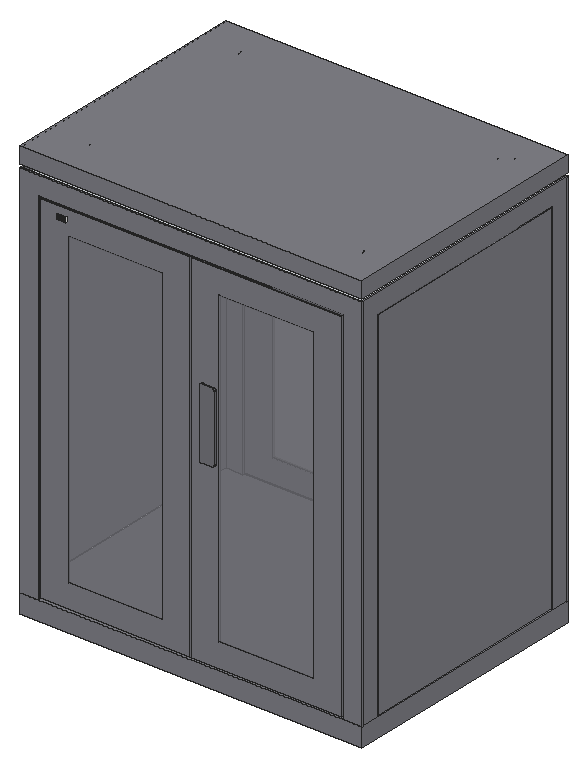
Revit family "ITK_Шкаф_LINEA N_600x800", category Электрооборудование, Revit 2019
Family settings
  Размер круглого соединителя = Использовать диаметр
  Тип детали = Другая панель
  На основе рабочей плоскости = Нет
  Всегда вертикально = Да
  При загрузке вырезать с полостями = Нет
  Общий = Нет
  Точка расчета площади = Нет
Parameters (values of type "19_18U_П-двеСтворки-перф_З-перф_600x800_Черный")
  УГО_Смещение_Y [instance] = 1850 mm
  УГО_Смещение_X [instance] = 2000 mm
  Справа_Сплошная_Панель = yes
  Слева_Сплошная_Панель = yes
  Перед_ДвеСтворки_Перфорация = yes
  Материал_Окно = iek_Перфорация_RAL9005_(new)
  Материал_Ножки = iek_Сталь_Серый
  Изготовитель = "IEK"  # constant formula
  Высота платформы = 42 mm
  Выбор УГО [instance] = УГО щит : Щит открытый
  URL = "https://www.itk-group.ru/"
  IEK_Разработчик = "sozutovvd@iek.ru"  # constant formula
  ADSK_Этаж [instance] = ""
  ADSK_Размер_Ширина = 800 mm
  ADSK_Размер_Толщина = 5 mm
  ADSK_Размер_Глубина = 600 mm
  ADSK_Размер_Высота = 979.8 mm
  ADSK_Примечание [instance] = ""
  ADSK_Предел огнестойкости [instance] = ""
  ADSK_Позиция [instance] = ""
  ADSK_Обозначение [instance] = ""
  ADSK_Наименование краткое = "ITK LINEA N Шкаф сетевой 19\" 18U 600х800 черный"
  ADSK_Наименование = "ITK LINEA N Шкаф сетевой 19\" 18U 600х800мм двери передняя двустворчатая перфорированная задняя перфорированная черный"
  ADSK_Материал обозначение = ""
  ADSK_Материал наименование = ""
  ADSK_Материал = iek_Сталь_Краска_RAL9005
  ADSK_Масса_Текст = ""
  ADSK_Масса = 0
  ADSK_Марка = "LINEA N"  # constant formula
  ADSK_Количество = 1  # constant formula
  ADSK_Код изделия = "LN05-18U68-2PP"
  ADSK_Завод-изготовитель = "itk-group"  # constant formula
  ADSK_Единица измерения = "шт."  # constant formula
  ADSK_Группирование = "Щиты ITK"
  ADSK_Версия семейства = "16.01.24"  # constant formula
  ADSK_Версия Revit = "v2019"  # constant formula
  ADSK_URL страницы изделия = "https://www.itk-group.ru/products/catalog/oborudovanie_telekommunikatsionnoe/shkafy_telekommunikatsionnye/shkafy_setevye_napolnye/shkafy_linea_n/shkafy_linea_n_600kh800mm/itk_linea_n_shkaf_setevoy_19_18u_600kh800mm_dveri_perednyaya_dvustvorchataya_perforirovannaya_zadnyaya_perforirovannaya_chernyy"
  ADSK_URL документации изделия = ""
Types (15, lengths in mm): name | УГО_Смещение_Y | УГО_Смещение_X | Материал_Окно | ADSK_Размер_Высота | ADSK_Наименование краткое | ADSK_Наименование | ADSK_Материал | ADSK_Код изделия | ADSK_URL страницы изделия
  (no name) | 1850 | 2000 | iek_Перфорация_RAL9005_(new) | 979.8 | "ITK LINEA N Шкаф сетевой 19\" 18U 600х800 черный" | "ITK LINEA N Шкаф сетевой 19\" 18U 600х800мм двери передняя двустворчатая перфорированная задняя перфорированная черный" | iek_Сталь_Краска_RAL9005 | "LN05-18U68-2PP" | "https://www.itk-group.ru/products/catalog/oborudovanie_telekommunikatsionnoe/shkafy_telekommunikatsionnye/shkafy_setevye_napolnye/shkafy_linea_n/shkafy_linea_n_600kh800mm/itk_linea_n_shkaf_setevoy_19_18u_600kh800mm_dveri_perednyaya_dvustvorchataya_perforirovannaya_zadnyaya_perforirovannaya_chernyy"
  19_18U_П-двеСтворки-перф_З-перф_600x800_Черный | 1850 | 2000 | iek_Перфорация_RAL9005_(new) | 979.8 | "ITK LINEA N Шкаф сетевой 19\" 18U 600х800 черный" | "ITK LINEA N Шкаф сетевой 19\" 18U 600х800мм двери передняя двустворчатая перфорированная задняя перфорированная черный" | iek_Сталь_Краска_RAL9005 | "LN05-18U68-2PP" | "https://www.itk-group.ru/products/catalog/oborudovanie_telekommunikatsionnoe/shkafy_telekommunikatsionnye/shkafy_setevye_napolnye/shkafy_linea_n/shkafy_linea_n_600kh800mm/itk_linea_n_shkaf_setevoy_19_18u_600kh800mm_dveri_perednyaya_dvustvorchataya_perforirovannaya_zadnyaya_perforirovannaya_chernyy"
  19_24U_П-двеСтворки-перф_З-перф_600x800_Черный | 722.94 | 602.297 | iek_Перфорация_RAL9005_(new) | 1246.5 | "ITK LINEA N Шкаф сетевой 19\" 24U 600х800 черный" | "ITK LINEA N Шкаф сетевой 19\" 24U 600х800мм двери передняя двустворчатая перфорированная задняя перфорированная черный" | iek_Сталь_Краска_RAL9005 | "LN05-24U68-2PP" | "https://www.itk-group.ru/products/catalog/oborudovanie_telekommunikatsionnoe/shkafy_telekommunikatsionnye/shkafy_setevye_napolnye/shkafy_linea_n/shkafy_linea_n_600kh800mm/itk_linea_n_shkaf_setevoy_19_24u_600kh800mm_dveri_perednyaya_dvustvorchataya_perforirovannaya_zadnyaya_perforirovannaya_chernyy"
  19_28U_П-двеСтворки-перф_З-перф_600x800_Черный | 722.94 | 602.297 | iek_Перфорация_RAL9005_(new) | 1424.3 | "ITK LINEA N Шкаф сетевой 19\" 28U 600х800 черный" | "ITK LINEA N Шкаф сетевой 19\" 28U 600х800мм двери передняя двустворчатая перфорированная задняя перфорированная черный" | iek_Сталь_Краска_RAL9005 | "LN05-28U68-2PP" | "https://www.itk-group.ru/products/catalog/oborudovanie_telekommunikatsionnoe/shkafy_telekommunikatsionnye/shkafy_setevye_napolnye/shkafy_linea_n/shkafy_linea_n_600kh800mm/itk_linea_n_shkaf_setevoy_19_28u_600kh800mm_dveri_perednyaya_dvustvorchataya_perforirovannaya_zadnyaya_perforirovannaya_chernyy"
  19_33U_П-двеСтворки-перф_З-перф_600x800_Черный | 722.94 | 602.297 | iek_Перфорация_RAL9005_(new) | 1646.6 | "ITK LINEA N Шкаф сетевой 19\" 33U 600х800 черный" | "ITK LINEA N Шкаф сетевой 19\" 33U 600х800мм двери передняя двустворчатая перфорированная задняя перфорированная черный" | iek_Сталь_Краска_RAL9005 | "LN05-33U68-2PP" | "https://www.itk-group.ru/products/catalog/oborudovanie_telekommunikatsionnoe/shkafy_telekommunikatsionnye/shkafy_setevye_napolnye/shkafy_linea_n/shkafy_linea_n_600kh800mm/itk_linea_n_shkaf_setevoy_19_33u_600kh800mm_dveri_perednyaya_dvustvorchataya_perforirovannaya_zadnyaya_perforirovannaya_chernyy"
  19_38U_П-двеСтворки-перф_З-перф_600x800_Черный | 722.94 | 602.297 | iek_Перфорация_RAL9005_(new) | 1868.8 | "ITK LINEA N Шкаф сетевой 19\" 38U 600х800 черный" | "ITK LINEA N Шкаф сетевой 19\" 38U 600х800мм двери передняя двустворчатая перфорированная задняя перфорированная черный" | iek_Сталь_Краска_RAL9005 | "LN05-38U68-2PP" | "https://www.itk-group.ru/products/catalog/oborudovanie_telekommunikatsionnoe/shkafy_telekommunikatsionnye/shkafy_setevye_napolnye/shkafy_linea_n/shkafy_linea_n_600kh800mm/itk_linea_n_shkaf_setevoy_19_38u_600kh800mm_dveri_perednyaya_dvustvorchataya_perforirovannaya_zadnyaya_perforirovannaya_chernyy"
  19_42U_П-двеСтворки-перф_З-перф_600x800_Черный | 722.94 | 602.297 | iek_Перфорация_RAL9005_(new) | 2046.6 | "ITK LINEA N Шкаф сетевой 19\" 42U 600х800 черный" | "ITK LINEA N Шкаф сетевой 19\" 42U 600х800мм двери передняя двустворчатая перфорированная задняя перфорированная черный" | iek_Сталь_Краска_RAL9005 | "LN05-42U68-2PP" | "https://www.itk-group.ru/products/catalog/oborudovanie_telekommunikatsionnoe/shkafy_telekommunikatsionnye/shkafy_setevye_napolnye/shkafy_linea_n/shkafy_linea_n_600kh800mm/itk_linea_n_shkaf_setevoy_19_42u_600kh800mm_dveri_perednyaya_dvustvorchataya_perforirovannaya_zadnyaya_perforirovannaya_chernyy"
  19_47U_П-двеСтворки-перф_З-перф_600x800_Черный | 722.94 | 602.297 | iek_Перфорация_RAL9005_(new) | 2268.1 | "ITK LINEA N Шкаф сетевой 19\" 47U 600х800 черный" | "ITK LINEA N Шкаф сетевой 19\" 47U 600х800мм двери передняя двустворчатая перфорированная задняя перфорированная черный" | iek_Сталь_Краска_RAL9005 | "LN05-47U68-2PP" | "https://www.itk-group.ru/products/catalog/oborudovanie_telekommunikatsionnoe/shkafy_telekommunikatsionnye/shkafy_setevye_napolnye/shkafy_linea_n/shkafy_linea_n_600kh800mm/itk_linea_n_shkaf_setevoy_19_47u_600kh800mm_dveri_perednyaya_dvustvorchataya_perforirovannaya_zadnyaya_perforirovannaya_chernyy"
  19_18U_П-двеСтворки-перф_З-перф_600x800_Серый | 722.94 | 602.297 | iek_Перфорация_Серый | 979.8 | "ITK LINEA N Шкаф сетевой 19\" 18U 600х800 серый" | "ITK LINEA N Шкаф сетевой 19\" 18U 600х800мм двери передняя двустворчатая перфорированная задняя перфорированная серый" | iek_Сталь_Краска_Серый | "LN35-18U68-2PP" | "https://www.itk-group.ru/products/catalog/oborudovanie_telekommunikatsionnoe/shkafy_telekommunikatsionnye/shkafy_setevye_napolnye/shkafy_linea_n/shkafy_linea_n_600kh800mm/itk_linea_n_shkaf_setevoy_19_18u_600kh800mm_dveri_perednyaya_dvustvorchataya_perforirovannaya_zadnyaya_perforirovannaya_seryy"
  19_24U_П-двеСтворки-перф_З-перф_600x800_Серый | 722.94 | 602.297 | iek_Перфорация_Серый | 1246.5 | "ITK LINEA N Шкаф сетевой 19\" 24U 600х800 серый" | "ITK LINEA N Шкаф сетевой 19\" 24U 600х800мм двери передняя двустворчатая перфорированная задняя перфорированная серый" | iek_Сталь_Краска_Серый | "LN35-24U68-2PP" | "https://www.itk-group.ru/products/catalog/oborudovanie_telekommunikatsionnoe/shkafy_telekommunikatsionnye/shkafy_setevye_napolnye/shkafy_linea_n/shkafy_linea_n_600kh800mm/itk_linea_n_shkaf_setevoy_19_24u_600kh800mm_dveri_perednyaya_dvustvorchataya_perforirovannaya_zadnyaya_perforirovannaya_seryy"
  19_28U_П-двеСтворки-перф_З-перф_600x800_Серый | 722.94 | 602.297 | iek_Перфорация_Серый | 1424.3 | "ITK LINEA N Шкаф сетевой 19\" 28U 600х800 серый" | "ITK LINEA N Шкаф сетевой 19\" 28U 600х800мм двери передняя двустворчатая перфорированная задняя перфорированная серый" | iek_Сталь_Краска_Серый | "LN35-28U68-2PP" | "https://www.itk-group.ru/products/catalog/oborudovanie_telekommunikatsionnoe/shkafy_telekommunikatsionnye/shkafy_setevye_napolnye/shkafy_linea_n/shkafy_linea_n_600kh800mm/itk_linea_n_shkaf_setevoy_19_28u_600kh800mm_dveri_perednyaya_dvustvorchataya_perforirovannaya_zadnyaya_perforirovannaya_seryy"
  19_33U_П-двеСтворки-перф_З-перф_600x800_Серый | 722.94 | 602.297 | iek_Перфорация_Серый | 1646.6 | "ITK LINEA N Шкаф сетевой 19\" 33U 600х800 серый" | "ITK LINEA N Шкаф сетевой 19\" 33U 600х800мм двери передняя двустворчатая перфорированная задняя перфорированная серый" | iek_Сталь_Краска_Серый | "LN35-33U68-2PP" | "https://www.itk-group.ru/products/catalog/oborudovanie_telekommunikatsionnoe/shkafy_telekommunikatsionnye/shkafy_setevye_napolnye/shkafy_linea_n/shkafy_linea_n_600kh800mm/itk_linea_n_shkaf_setevoy_19_33u_600kh800mm_dveri_perednyaya_dvustvorchataya_perforirovannaya_zadnyaya_perforirovannaya_seryy"
  19_38U_П-двеСтворки-перф_З-перф_600x800_Серый | 722.94 | 602.297 | iek_Перфорация_Серый | 1868.8 | "ITK LINEA N Шкаф сетевой 19\" 38U 600х800 серый" | "ITK LINEA N Шкаф сетевой 19\" 38U 600х800мм двери передняя двустворчатая перфорированная задняя перфорированная серый" | iek_Сталь_Краска_Серый | "LN35-38U68-2PP" | "https://www.itk-group.ru/products/catalog/oborudovanie_telekommunikatsionnoe/shkafy_telekommunikatsionnye/shkafy_setevye_napolnye/shkafy_linea_n/shkafy_linea_n_600kh800mm/itk_linea_n_shkaf_setevoy_19_38u_600kh800mm_dveri_perednyaya_dvustvorchataya_perforirovannaya_zadnyaya_perforirovannaya_seryy"
  19_42U_П-двеСтворки-перф_З-перф_600x800_Серый | 722.94 | 602.297 | iek_Перфорация_Серый | 2046.6 | "ITK LINEA N Шкаф сетевой 19\" 42U 600х800 серый" | "ITK LINEA N Шкаф сетевой 19\" 42U 600х800мм двери передняя двустворчатая перфорированная задняя перфорированная серый" | iek_Сталь_Краска_Серый | "LN35-42U68-2PP" | "https://www.itk-group.ru/products/catalog/oborudovanie_telekommunikatsionnoe/shkafy_telekommunikatsionnye/shkafy_setevye_napolnye/shkafy_linea_n/shkafy_linea_n_600kh800mm/itk_linea_n_shkaf_setevoy_19_42u_600kh800mm_dveri_perednyaya_dvustvorchataya_perforirovannaya_zadnyaya_perforirovannaya_seryy"
  19_47U_П-двеСтворки-перф_З-перф_600x800_Серый | 722.94 | 602.297 | iek_Перфорация_Серый | 2268.1 | "ITK LINEA N Шкаф сетевой 19\" 47U 600х800 серый" | "ITK LINEA N Шкаф сетевой 19\" 47U 600х800мм двери передняя двустворчатая перфорированная задняя перфорированная серый" | iek_Сталь_Краска_Серый | "LN35-47U68-2PP" | "https://www.itk-group.ru/products/catalog/oborudovanie_telekommunikatsionnoe/shkafy_telekommunikatsionnye/shkafy_setevye_napolnye/shkafy_linea_n/shkafy_linea_n_600kh800mm/itk_linea_n_shkaf_setevoy_19_47u_600kh800mm_dveri_perednyaya_dvustvorchataya_perforirovannaya_zadnyaya_perforirovannaya_seryy"
Reference planes
  plane 1 "По центру (Вперед/Назад)": y = 0
  plane 2: z = 0
  plane 3 "По центру (Влево/Вправо)": x = 0
  plane 4 "Фасад": y = -600
  plane 5 "Край_Справа": x = 400
  plane 6 "Край_Слева": x = -400
  plane 7 "Вершина": z = 1021.8
  plane 8: z = 42
  plane 9: y = -80
  plane 10: y = -520
  plane 11: x = -320
  plane 12: x = 320
  plane 13: z = 12
  plane 14: z = 87
  plane 15: z = 976.8
  plane 16: z = 956.8
  plane 17: z = 958.8
  plane 18: z = 1019.8
  plane 19: z = 983.8
  plane 20: x = -357
  plane 21: x = 357
  plane 22: z = 933.8
  plane 23: y = -557
  plane 24: y = -43
  plane 25: x = -352
  plane 26: x = 352
  plane 27: z = 92
  plane 28: z = 928.8
  plane 29: x = -2.5
  plane 30: x = 2.5
  plane 31: x = -287
  plane 32: x = 287
  plane 33: z = 873.8
  plane 34: z = 147
  plane 35: x = -65
  plane 36: x = 65
  plane 37: y = -552
  plane 38: y = -48
  plane 39: z = 510.9
  plane 40: x = -2000
  plane 41: y = -2000
Forms (mm)
  Extrusion 1, solid, material "iek_Сталь_Краска_RAL9005" <- "ADSK_Материал", detail levels coarse
    sketch origin (0, 0, 0) x (1, 0, 0) y (0, 1, 0)
      loop
        line (-400, 0) -> (-400, -600) -> (400, -600) -> (400, 0) -> (-400, 0)
    from 0 to 1021.8
  Extrusion 2, solid, material "iek_Сталь_Серый" <- "Материал_Ножки", detail levels medium+fine
    sketch origin (0, 0, 0) x (1, 0, 0) y (0, 1, 0)
      loop
        circle (-320, -80) r 17
      loop
        circle (320, -80) r 17
      loop
        circle (-320, -520) r 17
      loop
        circle (320, -520) r 17
    from 0 to 12
  Extrusion 3, solid, material "iek_Сталь_Серый" <- "Материал_Ножки", detail levels medium+fine
    sketch origin (0, 0, 0) x (1, 0, 0) y (0, 1, 0)
      loop
        circle (-320, -80) r 12
      loop
        circle (320, -80) r 12
      loop
        circle (-320, -520) r 12
      loop
        circle (320, -520) r 12
    from 12 to 42
  Extrusion 4, solid, material "iek_Сталь_Краска_RAL9005" <- "ADSK_Материал", detail levels medium+fine
    sketch origin (0, 0, 0) x (1, 0, 0) y (0, 1, 0)
      loop
        line (-400, -600) -> (400, -600) -> (400, -598) -> (-400, -598) -> (-400, -600)
    from 87 to 976.8
  Extrusion 5, solid, material "iek_Сталь_Краска_RAL9005" <- "ADSK_Материал", detail levels medium+fine
    sketch origin (0, -600, 0) x (1, 0, 0) y (0, 1, 0)
      loop
        line (-400, 600) -> (-400, 598) -> (400, 598) -> (400, 600) -> (-400, 600)
    from 87 to 976.8
  Extrusion 6, solid, material "iek_Сталь_Краска_RAL9005" <- "ADSK_Материал", detail levels medium+fine
    sketch origin (0, 0, 0) x (1, 0, 0) y (0, 1, 0)
      loop
        line (-400, -2) -> (-400, -598) -> (-398, -598) -> (-398, -2) -> (-400, -2)
    from 87 to 976.8
  Extrusion 7, solid, material "iek_Сталь_Краска_RAL9005" <- "ADSK_Материал", detail levels medium+fine
    sketch origin (0, 0, 0) x (-1, 0, 0) y (0, -1, 0)
      loop
        line (-400, 2) -> (-398, 2) -> (-398, 598) -> (-400, 598) -> (-400, 2)
    from 87 to 976.8
  Extrusion 8, solid, material "iek_Сталь_Краска_RAL9005" <- "ADSK_Материал", detail levels medium+fine
    sketch origin (0, 0, 0) x (1, 0, 0) y (0, 1, 0)
      loop
        line (-400, 0) -> (-400, -600) -> (400, -600) -> (400, 0) -> (-400, 0)
    from 42 to 87
  Extrusion 9, solid, material "iek_Сталь_Серый" <- "Материал_Ножки", detail levels medium+fine
    sketch origin (0, 0, 0) x (1, 0, 0) y (0, 1, 0)
      loop
        circle (-320, -80) r 16
      loop
        circle (320, -80) r 16
      loop
        circle (-320, -520) r 16
      loop
        circle (320, -520) r 16
    from 958.8 to 1019.8
  Extrusion 10, solid, detail levels medium+fine
    sketch origin (0, 0, 0) x (1, 0, 0) y (0, 1, 0)
      loop
        line (-398, -2) -> (-398, -598) -> (398, -598) -> (398, -2) -> (-398, -2)
    from 933.8 to 958.8
  Extrusion 11, solid, material "iek_Сталь_Краска_RAL9005" <- "ADSK_Материал", detail levels medium+fine
    sketch origin (0, 0, 1021.8) x (0, -1, 0) y (1, 0, 0)
      loop
        line (0, -400) -> (600, -400) -> (600, 400) -> (0, 400) -> (0, -400)
    from -2 to 0
  Extrusion 12, solid, material "iek_Сталь_Краска_RAL9005" <- "ADSK_Материал", detail levels medium+fine
    sketch origin (0, 0, 1021.8) x (0, -1, 0) y (1, 0, 0)
      loop
        line (600, -400) -> (600, 400) -> (598, 400) -> (598, -400) -> (600, -400)
    from -2 to -38
  Extrusion 13, solid, material "iek_Сталь_Краска_RAL9005" <- "ADSK_Материал", detail levels medium+fine
    sketch origin (0, -600, 1021.8) x (0, 1, 0) y (-1, 0, 0)
      loop
        line (600, 400) -> (598, 400) -> (598, -400) -> (600, -400) -> (600, 400)
    from -2 to -38
  Extrusion 14, solid, material "iek_Сталь_Краска_RAL9005" <- "ADSK_Материал", detail levels medium+fine
    sketch origin (0, 0, 1021.8) x (0, -1, 0) y (1, 0, 0)
      loop
        line (2, -400) -> (598, -400) -> (598, -398) -> (2, -398) -> (2, -400)
    from -2 to -38
  Extrusion 15, solid, material "iek_Сталь_Краска_RAL9005" <- "ADSK_Материал", detail levels medium+fine
    sketch origin (0, 0, 1021.8) x (0, -1, 0) y (1, 0, 0)
      loop
        line (2, 400) -> (2, 398) -> (598, 398) -> (598, 400) -> (2, 400)
    from -2 to -38
  Extrusion 16, void
    sketch origin (0, 0, 0) x (1, 0, 0) y (0, 0, 1)
      loop
        line (-357, 933.8) -> (-357, 87) -> (357, 87) -> (357, 933.8) -> (-357, 933.8)
    from 0 to 2
  Extrusion 17, void
    sketch origin (0, 0, 0) x (1, 0, 0) y (0, 0, 1)
      loop
        line (-357, 933.8) -> (-357, 87) -> (357, 87) -> (357, 933.8) -> (-357, 933.8)
    from 598 to 600
  Extrusion 18, void
    sketch origin (0, 0, 0) x (0, 1, 0) y (0, 0, 1)
      loop
        line (-557, 933.8) -> (-557, 87) -> (-43, 87) -> (-43, 933.8) -> (-557, 933.8)
    from 298 to 400
  Extrusion 19, void
    sketch origin (0, 0, 0) x (0, 1, 0) y (0, 0, 1)
      loop
        line (-557, 933.8) -> (-557, 87) -> (-43, 87) -> (-43, 933.8) -> (-557, 933.8)
    from -400 to -298
  Extrusion 20, solid, material "iek_Сталь_Краска_RAL9005" <- "ADSK_Материал", visible <- "Перед_ДвеСтворки_Перфорация", detail levels medium+fine
    sketch origin (0, -600, 0) x (1, 0, 0) y (0, 0, 1)
      loop
        line (-352, 928.8) -> (-352, 92) -> (-2.5, 92) -> (-2.5, 928.8) -> (-352, 928.8)
    from 0 to -2
  Extrusion 21, solid, material "iek_Сталь_Краска_RAL9005" <- "ADSK_Материал", visible <- "Перед_ДвеСтворки_Перфорация", detail levels medium+fine
    sketch origin (0, -600, 0) x (-1, 0, 0) y (0, 0, -1)
      loop
        line (-352, -928.8) -> (-2.5, -928.8) -> (-2.5, -92) -> (-352, -92) -> (-352, -928.8)
    from 0 to -2
  Extrusion 22, solid, material "iek_Сталь_Краска_RAL9005" <- "ADSK_Материал", detail levels medium+fine
    sketch origin (0, 0, 0) x (1, 0, 0) y (0, 0, 1)
      loop
        line (-352, 928.8) -> (-352, 92) -> (352, 92) -> (352, 928.8) -> (-352, 928.8)
    from 0 to 2
  Extrusion 23, solid, material "iek_Сталь_Серый" <- "Материал_Ножки", detail levels medium+fine
    sketch origin (26.515, 0, 25.85) x (1, 0, 0) y (0, 0, 1)
      loop
        line (195.485, 650.05) -> (170.485, 650.05)
        arc (170.485, 650.05) -> (166.949, 648.585) -> (165.485, 645.05) r 5
        line (165.485, 645.05) -> (165.485, 490.05)
        arc (165.485, 490.05) -> (166.949, 486.514) -> (170.485, 485.05) r 5
        line (170.485, 485.05) -> (195.485, 485.05)
        arc (195.485, 485.05) -> (199.021, 486.514) -> (200.485, 490.05) r 5
        line (200.485, 490.05) -> (200.485, 645.05)
        arc (200.485, 645.05) -> (199.021, 648.585) -> (195.485, 650.05) r 5
    from 0 to -4
  Extrusion 24, solid, material "iek_Сталь_Серый" <- "Материал_Ножки", visible <- "Перед_ДвеСтворки_Перфорация", detail levels medium+fine
    sketch origin (-142.985, -600, -418.65) x (1, 0, 0) y (0, 0, -1)
      loop
        arc (195.485, -1094.55) -> (199.021, -1093.085) -> (200.485, -1089.55) r 5
        line (200.485, -1089.55) -> (200.485, -934.55)
        arc (200.485, -934.55) -> (199.021, -931.014) -> (195.485, -929.55) r 5
        line (195.485, -929.55) -> (170.485, -929.55)
        arc (170.485, -929.55) -> (166.949, -931.014) -> (165.485, -934.55) r 5
        line (165.485, -934.55) -> (165.485, -1089.55)
        arc (165.485, -1089.55) -> (166.949, -1093.085) -> (170.485, -1094.55) r 5
        line (170.485, -1094.55) -> (195.485, -1094.55)
    from 0 to -4
  Extrusion 25, solid, material "iek_Сталь_Краска_RAL9005" <- "ADSK_Материал", visible <- "Слева_Сплошная_Панель", detail levels medium+fine
    sketch origin (0, 0, 1021.8) x (0, -1, 0) y (1, 0, 0)
      loop
        line (552, -398) -> (48, -398) -> (48, -400) -> (552, -400) -> (552, -398)
    from -929.8 to -93
  Extrusion 26, solid, material "iek_Сталь_Краска_RAL9005" <- "ADSK_Материал", visible <- "Справа_Сплошная_Панель", detail levels medium+fine
    sketch origin (0, 0, 1021.8) x (0, -1, 0) y (1, 0, 0)
      loop
        line (48, 400) -> (48, 398) -> (552, 398) -> (552, 400) -> (48, 400)
    from -929.8 to -93
  Extrusion 27, void
    sketch origin (0, -600, 0) x (1, 0, 0) y (0, 0, 1)
      loop
        line (-287, 873.8) -> (-287, 147) -> (-65, 147) -> (-65, 873.8) -> (-287, 873.8)
    from 0 to -2
  Extrusion 28, solid, material "iek_Перфорация_RAL9005_(new)" <- "Материал_Окно", visible <- "Перед_ДвеСтворки_Перфорация", detail levels medium+fine
    sketch origin (0, -600, 0) x (1, 0, 0) y (0, 0, 1)
      loop
        line (-287, 873.8) -> (-287, 147) -> (-65, 147) -> (-65, 873.8) -> (-287, 873.8)
    from 0 to -2
  Extrusion 29, void
    sketch origin (0, -600, 0) x (1, 0, 0) y (0, 0, 1)
      loop
        line (65, 873.8) -> (65, 147) -> (287, 147) -> (287, 873.8) -> (65, 873.8)
    from 0 to -2
  Extrusion 30, solid, material "iek_Перфорация_RAL9005_(new)" <- "Материал_Окно", visible <- "Перед_ДвеСтворки_Перфорация", detail levels medium+fine
    sketch origin (252, -600, 0) x (1, 0, 0) y (0, 0, 1)
      loop
        line (-187, 873.8) -> (-187, 147) -> (35, 147) -> (35, 873.8) -> (-187, 873.8)
    from 0 to -2
  Extrusion 31, solid, material "iek_Белый", detail levels fine
    sketch origin (13.289, -600, 3.006) x (1, 0, 0) y (0, 0, 1)
      loop
        line (-325.771, 909.407) -> (-325.771, 897.991) -> (-304.597, 897.991) -> (-304.597, 909.407) -> (-325.771, 909.407)
    from 0 to 2
  Extrusion 32, solid, material "iek_Условный_Цвет_Серо-синий", detail levels fine
    sketch origin (0, -600, 0) x (1, 0, 0) y (0, 0, 1)
      loop
        line (-310.31, 907.967) -> (-310.31, 902.413) -> (-307.882, 902.413) -> (-307.882, 907.967) -> (-310.31, 907.967)
      loop
        line (-310.31, 911.097) -> (-310.31, 908.741) -> (-307.882, 908.741) -> (-307.882, 911.097) -> (-310.31, 911.097)
      loop
        line (-305.44, 907.967) -> (-305.44, 902.413) -> (-303.153, 902.413) -> (-303.153, 907.967) -> (-305.44, 907.967)
      loop
        line (-300.661, 911.097) -> (-300.661, 902.413) -> (-298.372, 902.413) -> (-298.372, 905.669) -> (-297.497, 905.669) -> (-295.382, 902.413) -> (-292.594, 902.413) -> (-295.753, 906.762) -> (-292.594, 911.097) -> (-295.382, 911.097) -> (-297.497, 907.841) -> (-298.372, 907.841) -> (-298.372, 911.097) -> (-300.661, 911.097)
    from 2 to 3
  Extrusion 33, solid, material "iek_Условный_Цвет_Зеленый", detail levels fine
    sketch origin (0, -600, 0) x (1, 0, 0) y (0, 0, 1)
      loop
        line (-307.175, 911.097) -> (-307.175, 908.741) -> (-301.419, 908.741) -> (-301.419, 911.097) -> (-307.175, 911.097)
    from 2 to 3
  Extrusion 34, void
    sketch origin (0, 0, 0) x (1, 0, 0) y (0, 0, 1)
      loop
        line (287, 873.8) -> (-287, 873.8) -> (-287, 147) -> (287, 147) -> (287, 873.8)
    from 0 to 2
  Extrusion 35, solid, material "iek_Перфорация_RAL9005_(new)" <- "Материал_Окно", detail levels medium+fine
    sketch origin (0, 0, 0) x (1, 0, 0) y (0, 0, 1)
      loop
        line (287, 873.8) -> (-287, 873.8) -> (-287, 147) -> (287, 147) -> (287, 873.8)
    from 0 to 2
  Extrusion 36, solid, material "iek_Сталь_Серый" <- "Материал_Ножки", visible <- "Перед_ДвеСтворки_Перфорация", not visible, detail levels medium+fine
    sketch origin (-142.985, -600, -257.9) x (1, 0, 0) y (0, 0, -1)
      loop
        arc (195.485, -1094.55) -> (199.021, -1093.085) -> (200.485, -1089.55) r 5
        line (200.485, -1089.55) -> (200.485, -934.55)
        arc (200.485, -934.55) -> (199.021, -931.014) -> (195.485, -929.55) r 5
        line (195.485, -929.55) -> (170.485, -929.55)
        arc (170.485, -929.55) -> (166.949, -931.014) -> (165.485, -934.55) r 5
        line (165.485, -934.55) -> (165.485, -1089.55)
        arc (165.485, -1089.55) -> (166.949, -1093.085) -> (170.485, -1094.55) r 5
        line (170.485, -1094.55) -> (195.485, -1094.55)
    from 0 to -4
  Extrusion 37, solid, material "iek_Сталь_Серый" <- "Материал_Ножки", not visible, detail levels medium+fine
    sketch origin (26.515, 0, 186.6) x (1, 0, 0) y (0, 0, 1)
      loop
        line (195.485, 650.05) -> (170.485, 650.05)
        arc (170.485, 650.05) -> (166.949, 648.585) -> (165.485, 645.05) r 5
        line (165.485, 645.05) -> (165.485, 490.05)
        arc (165.485, 490.05) -> (166.949, 486.514) -> (170.485, 485.05) r 5
        line (170.485, 485.05) -> (195.485, 485.05)
        arc (195.485, 485.05) -> (199.021, 486.514) -> (200.485, 490.05) r 5
        line (200.485, 490.05) -> (200.485, 645.05)
        arc (200.485, 645.05) -> (199.021, 648.585) -> (195.485, 650.05) r 5
    from 0 to -4
Cuts and joins
  joined: Extrusion 11, Extrusion 12, Extrusion 13, Extrusion 14, Extrusion 15
  Extrusion 16 cuts Extrusion 5
  Extrusion 17 cuts Extrusion 4
  Extrusion 18 cuts Extrusion 7
  Extrusion 19 cuts Extrusion 6
  Extrusion 27 cuts Extrusion 20
  Extrusion 29 cuts Extrusion 21
  Extrusion 34 cuts Extrusion 22
Lines and regions (mm)
  reference lines
    curve 1: line (-0.5, -150, 0) -> (0.5, -150, 0)
    curve 2: line (0, -150, 0) -> (0, -390, 0)
  reference lines, not visible
    curve 3: line (627.375, 734.644, -62.5) -> (628.375, 734.644, -62.5)
    curve 4: line (627.875, 734.644, -62.5) -> (627.875, 494.644, -62.5)
  symbolic lines, detail levels medium+fine
    curve 5: line (-400, 0, 1021.8) -> (400, 0, 1021.8)
    curve 6: line (-400, -600, 1021.8) -> (-400, 0, 1021.8)
    curve 7: line (400, -600, 1021.8) -> (-400, -600, 1021.8)
    curve 8: line (400, 0, 1021.8) -> (400, -600, 1021.8)
Dimensions and locks
  equal spacing: plane 6 "Край_Слева", plane 3 "По центру (Влево/Вправо)", plane 5 "Край_Справа"
  "ADSK_Размер_Глубина": plane 4 "Фасад" to plane 1 "По центру (Вперед/Назад)"
  "ADSK_Размер_Ширина": plane 6 "Край_Слева" to plane 5 "Край_Справа"
  "Высота платформы": plane 8 to level
  "ADSK_Размер_Высота": plane 7 "Вершина" to plane 8
  locked: plane 4 "Фасад" to plane 10 at 80
  locked: plane 9 to plane 1 "По центру (Вперед/Назад)" at 80
  locked: plane 6 "Край_Слева" to plane 11 at 80
  locked: plane 12 to plane 5 "Край_Справа" at 80
  plane 13 to level = 12 mm
  locked: plane 14 to plane 8 at 45
  locked: plane 7 "Вершина" to plane 15 at 45
  locked: plane 15 to plane 16 at 20
  locked: plane 17 to plane 16 at 2
  locked: plane 7 "Вершина" to plane 18 at 2
  locked: plane 18 to plane 19 at 36
  locked: plane 6 "Край_Слева" to plane 20 at 43
  locked: plane 21 to plane 5 "Край_Справа" at 43
  locked: plane 15 to plane 22 at 43
  locked: plane 4 "Фасад" to plane 23 at 43
  locked: plane 24 to plane 1 "По центру (Вперед/Назад)" at 43
  "ADSK_Размер_Толщина": plane 25 to plane 20
  "ADSK_Размер_Толщина": plane 26 to plane 21
  "ADSK_Размер_Толщина": plane 27 to plane 14
  "ADSK_Размер_Толщина": plane 22 to plane 28
  equal spacing: plane 30, plane 3 "По центру (Влево/Вправо)", plane 29
  "ADSK_Размер_Толщина": plane 30 to plane 29
  plane 31 to plane 25 = 65 mm
  plane 32 to plane 26 = 65 mm
  plane 28 to plane 33 = 55 mm
  plane 34 to plane 27 = 55 mm
  plane 3 "По центру (Влево/Вправо)" to plane 35 = 65 mm
  plane 36 to plane 3 "По центру (Влево/Вправо)" = 65 mm
  "ADSK_Размер_Толщина": plane 23 to plane 37
  "ADSK_Размер_Толщина": plane 38 to plane 24
  equal spacing: plane 7 "Вершина", plane 39, level
  "УГО_Смещение_X": plane 40 to curve 2
  "УГО_Смещение_Y": plane 41 to curve 1
  aligned and locked: level to plane 2
  aligned and locked: plane 1 "По центру (Вперед/Назад)" to Extrusion 1 sketch curve
  aligned and locked: Extrusion 1 sketch curve to plane 6 "Край_Слева"
  aligned and locked: Extrusion 1 sketch curve to plane 4 "Фасад"
  aligned and locked: Extrusion 1 sketch curve to plane 5 "Край_Справа"
  aligned and locked: Extrusion 2 to plane 13
  aligned and locked: Extrusion 3 to plane 8
  aligned and locked: Extrusion 3 to Extrusion 2
  aligned and locked: plane 5 "Край_Справа" to Extrusion 4
  aligned and locked: plane 6 "Край_Слева" to Extrusion 4
  aligned and locked: plane 4 "Фасад" to Extrusion 1
  aligned and locked: Extrusion 5 to plane 1 "По центру (Вперед/Назад)"
  aligned and locked: plane 6 "Край_Слева" to Extrusion 5
  aligned and locked: plane 5 "Край_Справа" to Extrusion 5
  aligned and locked: Extrusion 6 sketch curve to Extrusion 5
  aligned and locked: Extrusion 4 to Extrusion 6 sketch curve
  aligned and locked: plane 6 "Край_Слева" to Extrusion 6
  aligned and locked: plane 5 "Край_Справа" to Extrusion 7
  aligned and locked: Extrusion 7 to Extrusion 5
  aligned and locked: Extrusion 7 to Extrusion 4
  aligned and locked: Extrusion 8 sketch curve to Extrusion 1  (x4)
  aligned and locked: plane 8 to Extrusion 8
  aligned and locked: plane 14 to Extrusion 7
  aligned and locked: Extrusion 6 to plane 14
  aligned and locked: Extrusion 4 to Extrusion 6
  aligned and locked: Extrusion 8 to plane 14
  aligned and locked: Extrusion 4 to plane 15
  aligned and locked: Extrusion 5 to plane 15
  aligned and locked: Extrusion 7 to plane 15
  aligned and locked: Extrusion 6 to plane 15
  aligned and locked: Extrusion 10 to plane 17
  aligned and locked: Extrusion 9 to Extrusion 10
  aligned and locked: Extrusion 6 to Extrusion 10 sketch curve
  aligned and locked: Extrusion 5 to Extrusion 10 sketch curve
  aligned and locked: Extrusion 10 sketch curve to Extrusion 7
  aligned and locked: Extrusion 4 to Extrusion 10 sketch curve
  aligned and locked: Extrusion 11 sketch curve to Extrusion 1  (x4)
  aligned and locked: Extrusion 11 to plane 7 "Вершина"
  aligned and locked: Extrusion 11 to plane 18
  aligned and locked: plane 4 "Фасад" to Extrusion 12 sketch curve
  aligned and locked: plane 5 "Край_Справа" to Extrusion 12 sketch curve
  aligned and locked: plane 6 "Край_Слева" to Extrusion 12 sketch curve
  aligned and locked: Extrusion 12 to plane 19
  aligned and locked: Extrusion 9 to plane 18
  aligned and locked: plane 6 "Край_Слева" to Extrusion 13
  aligned and locked: plane 5 "Край_Справа" to Extrusion 13
  aligned and locked: Extrusion 13 to plane 1 "По центру (Вперед/Назад)"
  aligned and locked: Extrusion 14 sketch curve to plane 6 "Край_Слева"
  aligned and locked: Extrusion 12 to Extrusion 14 sketch curve
  aligned and locked: Extrusion 14 sketch curve to Extrusion 13
  aligned and locked: plane 18 to Extrusion 14
  aligned and locked: Extrusion 14 to plane 19
  aligned and locked: Extrusion 13 to plane 18
  aligned and locked: Extrusion 12 to plane 18
  aligned and locked: plane 5 "Край_Справа" to Extrusion 15
  aligned and locked: Extrusion 15 to Extrusion 4
  aligned and locked: Extrusion 15 to Extrusion 5
  aligned and locked: Extrusion 15 to plane 18
  aligned and locked: plane 19 to Extrusion 15
  aligned and locked: plane 20 to Extrusion 16 sketch curve
  aligned and locked: plane 21 to Extrusion 16 sketch curve
  aligned and locked: Extrusion 16 sketch curve to plane 14
  aligned and locked: Extrusion 16 sketch curve to plane 22
  aligned and locked: Extrusion 16 to plane 1 "По центру (Вперед/Назад)"
  aligned and locked: Extrusion 17 sketch curve to plane 14
  aligned and locked: Extrusion 17 sketch curve to plane 22
  aligned and locked: plane 20 to Extrusion 17 sketch curve
  aligned and locked: plane 21 to Extrusion 17 sketch curve
  aligned and locked: plane 4 "Фасад" to Extrusion 17
  aligned and locked: Extrusion 18 sketch curve to plane 14
  aligned and locked: plane 22 to Extrusion 18 sketch curve
  aligned and locked: plane 5 "Край_Справа" to Extrusion 18
  aligned and locked: Extrusion 18 to plane 23
  aligned and locked: Extrusion 18 to plane 24
  aligned and locked: plane 23 to Extrusion 19 sketch curve
  aligned and locked: plane 24 to Extrusion 19 sketch curve
  aligned and locked: plane 22 to Extrusion 19 sketch curve
  aligned and locked: Extrusion 19 sketch curve to plane 14
  aligned and locked: plane 6 "Край_Слева" to Extrusion 19
  aligned and locked: Extrusion 20 sketch curve to plane 27
  aligned and locked: plane 25 to Extrusion 20 sketch curve
  aligned and locked: Extrusion 20 sketch curve to plane 28
  aligned and locked: plane 29 to Extrusion 20
  aligned and locked: cut or joined group of Extrusion 4, Extrusion 17 to Extrusion 20
  aligned and locked: plane 30 to Extrusion 21
  aligned and locked: plane 27 to Extrusion 21
  aligned and locked: Extrusion 21 to plane 26
  aligned and locked: Extrusion 21 to plane 28
  aligned and locked: plane 4 "Фасад" to Extrusion 21
  aligned and locked: cut or joined group of Extrusion 4, Extrusion 17 to Extrusion 21
  aligned and locked: cut or joined group of Extrusion 5, Extrusion 16 to plane 14
  aligned and locked: Extrusion 22 sketch curve to plane 27
  aligned and locked: plane 25 to Extrusion 22 sketch curve
  aligned and locked: plane 26 to Extrusion 22 sketch curve
  aligned and locked: Extrusion 22 sketch curve to plane 28
  aligned and locked: Extrusion 22 to Extrusion 10
  aligned and locked: Extrusion 25 sketch curve to plane 6 "Край_Слева"
  aligned and locked: Extrusion 25 sketch curve to cut or joined group of Extrusion 6, Extrusion 19
  aligned and locked: plane 27 to Extrusion 25
  aligned and locked: Extrusion 25 to plane 28
  aligned and locked: Extrusion 25 to plane 37
  aligned and locked: plane 38 to Extrusion 25
  aligned and locked: Extrusion 26 to plane 5 "Край_Справа"
  aligned and locked: Extrusion 26 to Extrusion 10
  aligned and locked: plane 27 to Extrusion 26
  aligned and locked: Extrusion 26 to plane 28
  aligned and locked: Extrusion 26 to plane 37
  aligned and locked: plane 38 to Extrusion 26
  aligned and locked: Extrusion 1 to plane 7 "Вершина"
  aligned and locked: Extrusion 27 to plane 33
  aligned and locked: Extrusion 27 to plane 31
  aligned and locked: plane 35 to Extrusion 27
  aligned and locked: Extrusion 27 to plane 34
  aligned and locked: Extrusion 27 to plane 4 "Фасад"
  aligned and locked: Extrusion 28 to plane 34
  aligned and locked: plane 35 to Extrusion 28
  aligned and locked: Extrusion 28 to plane 31
  aligned and locked: Extrusion 28 to plane 33
  aligned and locked: Extrusion 28 to plane 4 "Фасад"
  aligned and locked: Extrusion 29 to plane 33
  aligned and locked: Extrusion 29 to plane 32
  aligned and locked: plane 36 to Extrusion 29
  aligned and locked: Extrusion 29 to plane 34
  aligned and locked: Extrusion 29 to plane 4 "Фасад"
  aligned and locked: Extrusion 30 to plane 32
  aligned and locked: Extrusion 30 to plane 33
  aligned and locked: plane 36 to Extrusion 30
  aligned and locked: Extrusion 30 to plane 34
  aligned and locked: plane 4 "Фасад" to Extrusion 30
  aligned and locked: Extrusion 31 to plane 4 "Фасад"
  aligned and locked: Extrusion 32 to Extrusion 31
  aligned and locked: Extrusion 33 to Extrusion 31
  aligned and locked: Extrusion 34 to plane 33
  aligned and locked: Extrusion 34 to plane 31
  aligned and locked: Extrusion 34 to plane 34
  aligned and locked: Extrusion 34 to plane 32
  aligned and locked: Extrusion 35 to plane 33
  aligned and locked: Extrusion 35 to plane 31
  aligned and locked: Extrusion 35 to plane 34
  aligned and locked: Extrusion 35 to plane 32
  aligned and locked: Extrusion 10 to plane 22
  aligned and locked: plane 39 to Extrusion 24
  aligned and locked: plane 39 to Extrusion 23
  aligned and locked: curve 6 to plane 6 "Край_Слева"
  aligned and locked: curve 8 to plane 5 "Край_Справа"
  aligned and locked: plane 1 "По центру (Вперед/Назад)" to curve 5
  aligned and locked: curve 7 to plane 4 "Фасад"
Automatic sketch dimensions
  Extrusion 2 sketch curve to plane 10 = 0 mm  (x2)
  Extrusion 2 sketch curve to plane 11 = 0 mm  (x2)
  plane 9 to Extrusion 2 sketch curve = 0 mm  (x2)
  Extrusion 2 sketch curve to plane 12 = 0 mm  (x2)
  Extrusion 3 sketch curve to plane 10 = 0 mm  (x2)
  Extrusion 3 sketch curve to plane 11 = 0 mm  (x2)
  plane 9 to Extrusion 3 sketch curve = 0 mm  (x2)
  Extrusion 3 sketch curve to plane 12 = 0 mm  (x2)
  Extrusion 9 sketch curve to plane 10 = 0 mm  (x2)
  Extrusion 9 sketch curve to plane 11 = 0 mm  (x2)
  plane 9 to Extrusion 9 sketch curve = 0 mm  (x2)
  Extrusion 9 sketch curve to plane 12 = 0 mm  (x2)
  Extrusion 4 sketch curve to plane 6 "Край_Слева" = 0 mm
  Extrusion 4 sketch curve to plane 5 "Край_Справа" = 0 mm
  plane 4 "Фасад" to Extrusion 4 sketch curve = 0 mm
  Extrusion 4 sketch curve to plane 4 "Фасад" = 2 mm
  Extrusion 5 sketch curve to plane 6 "Край_Слева" = 0 mm
  Extrusion 5 sketch curve to plane 5 "Край_Справа" = 0 mm
  plane 1 "По центру (Вперед/Назад)" to Extrusion 5 sketch curve = 0 mm
  Extrusion 5 sketch curve to plane 1 "По центру (Вперед/Назад)" = 2 mm
  Extrusion 6 sketch curve to plane 6 "Край_Слева" = 0 mm
  Extrusion 6 sketch curve to Extrusion 6 sketch curve = 2 mm
  Extrusion 7 sketch curve to plane 5 "Край_Справа" = 0 mm
  Extrusion 7 sketch curve to Extrusion 7 sketch curve = 2 mm
  plane 4 "Фасад" to Extrusion 7 sketch curve = 2 mm
  Extrusion 7 sketch curve to plane 1 "По центру (Вперед/Назад)" = 2 mm
  Extrusion 12 sketch curve to plane 4 "Фасад" = 2 mm
  Extrusion 13 sketch curve to plane 6 "Край_Слева" = 0 mm
  Extrusion 13 sketch curve to plane 5 "Край_Справа" = 0 mm
  plane 1 "По центру (Вперед/Назад)" to Extrusion 13 sketch curve = 0 mm
  Extrusion 13 sketch curve to plane 1 "По центру (Вперед/Назад)" = 2 mm
  Extrusion 14 sketch curve to Extrusion 14 sketch curve = 2 mm
  Extrusion 15 sketch curve to plane 5 "Край_Справа" = 0 mm
  Extrusion 15 sketch curve to plane 1 "По центру (Вперед/Назад)" = 2 mm
  plane 4 "Фасад" to Extrusion 15 sketch curve = 2 mm
  plane 5 "Край_Справа" to Extrusion 15 sketch curve = 2 mm
  Extrusion 18 sketch curve to plane 23 = 0 mm
  Extrusion 18 sketch curve to plane 24 = 0 mm
  Extrusion 20 sketch curve to plane 29 = 0 mm
  plane 26 to Extrusion 21 sketch curve = 0 mm
  Extrusion 21 sketch curve to plane 27 = 0 mm
  plane 30 to Extrusion 21 sketch curve = 0 mm
  Extrusion 21 sketch curve to plane 28 = 0 mm
  Extrusion 23 sketch curve to Extrusion 23 sketch curve = 5 mm  (x4)
  Extrusion 23 sketch curve to Extrusion 23 sketch curve = 155 mm
  Extrusion 24 sketch curve to Extrusion 24 sketch curve = 5 mm  (x4)
  Extrusion 24 sketch curve to Extrusion 24 sketch curve = 155 mm
  Extrusion 25 sketch curve to plane 38 = 0 mm
  Extrusion 25 sketch curve to plane 37 = 0 mm
  Extrusion 26 sketch curve to plane 38 = 0 mm
  Extrusion 26 sketch curve to plane 5 "Край_Справа" = 0 mm
  Extrusion 26 sketch curve to plane 37 = 0 mm
  Extrusion 26 sketch curve to plane 5 "Край_Справа" = 2 mm
  Extrusion 27 sketch curve to plane 31 = 0 mm
  Extrusion 27 sketch curve to plane 34 = 0 mm
  Extrusion 27 sketch curve to plane 35 = 0 mm
  Extrusion 27 sketch curve to plane 33 = 0 mm
  Extrusion 28 sketch curve to plane 31 = 0 mm
  Extrusion 28 sketch curve to plane 34 = 0 mm
  Extrusion 28 sketch curve to plane 35 = 0 mm
  Extrusion 28 sketch curve to plane 33 = 0 mm
  Extrusion 29 sketch curve to plane 34 = 0 mm
  plane 36 to Extrusion 29 sketch curve = 0 mm
  plane 32 to Extrusion 29 sketch curve = 0 mm
  Extrusion 29 sketch curve to plane 33 = 0 mm
  Extrusion 30 sketch curve to plane 34 = 0 mm
  plane 36 to Extrusion 30 sketch curve = 0 mm
  plane 32 to Extrusion 30 sketch curve = 0 mm
  Extrusion 30 sketch curve to plane 33 = 0 mm
  plane 11 to Extrusion 31 sketch curve = 7.518 mm
  Extrusion 31 sketch curve to plane 31 = 4.309 mm
  plane 28 to Extrusion 31 sketch curve = 27.803 mm
  Extrusion 31 sketch curve to Extrusion 31 sketch curve = 11.416 mm
  Extrusion 32 sketch curve to plane 31 = 23.31 mm
  Extrusion 32 sketch curve to Extrusion 32 sketch curve = 0 mm  (x6)
  Extrusion 32 sketch curve to Extrusion 32 sketch curve = 2.428 mm  (x2)
  Extrusion 32 sketch curve to Extrusion 32 sketch curve = 2.287 mm
  Extrusion 32 sketch curve to Extrusion 32 sketch curve = 2.289 mm
  Extrusion 32 sketch curve to Extrusion 32 sketch curve = 0.875 mm  (x2)
  Extrusion 32 sketch curve to Extrusion 32 sketch curve = 1.744 mm
  Extrusion 32 sketch curve to Extrusion 32 sketch curve = 2.99 mm  (x2)
  Extrusion 32 sketch curve to Extrusion 32 sketch curve = 2.789 mm  (x2)
  Extrusion 32 sketch curve to plane 33 = 28.613 mm
  Extrusion 32 sketch curve to Extrusion 32 sketch curve = 3.256 mm  (x2)
  Extrusion 32 sketch curve to Extrusion 32 sketch curve = 1.093 mm
  Extrusion 32 sketch curve to Extrusion 32 sketch curve = 2.172 mm
  Extrusion 32 sketch curve to Extrusion 32 sketch curve = 0.126 mm
  Extrusion 32 sketch curve to Extrusion 32 sketch curve = 0.774 mm
  Extrusion 32 sketch curve to Extrusion 32 sketch curve = 4.335 mm
  Extrusion 32 sketch curve to Extrusion 32 sketch curve = 2.442 mm
  Extrusion 32 sketch curve to Extrusion 32 sketch curve = 2.493 mm
  Extrusion 32 sketch curve to Extrusion 32 sketch curve = 2.356 mm
  plane 11 to Extrusion 33 sketch curve = 12.825 mm
  Extrusion 33 sketch curve to Extrusion 33 sketch curve = 5.756 mm
  plane 28 to Extrusion 33 sketch curve = 20.059 mm
  Extrusion 33 sketch curve to Extrusion 33 sketch curve = 2.356 mm
  Extrusion 34 sketch curve to plane 31 = 0 mm
  plane 32 to Extrusion 34 sketch curve = 0 mm
  Extrusion 34 sketch curve to plane 34 = 0 mm
  Extrusion 34 sketch curve to plane 33 = 0 mm
  Extrusion 35 sketch curve to plane 31 = 0 mm
  plane 32 to Extrusion 35 sketch curve = 0 mm
  Extrusion 35 sketch curve to plane 34 = 0 mm
  Extrusion 35 sketch curve to plane 33 = 0 mm
  Extrusion 24 sketch curve to Extrusion 24 sketch curve = 25 mm
  Extrusion 36 sketch curve to Extrusion 36 sketch curve = 5 mm  (x4)
  Extrusion 36 sketch curve to Extrusion 36 sketch curve = 155 mm
  Extrusion 36 sketch curve to Extrusion 36 sketch curve = 25 mm
  Extrusion 23 sketch curve to Extrusion 23 sketch curve = 25 mm
  Extrusion 37 sketch curve to Extrusion 37 sketch curve = 5 mm  (x4)
  Extrusion 37 sketch curve to Extrusion 37 sketch curve = 155 mm
  Extrusion 37 sketch curve to Extrusion 37 sketch curve = 25 mm
  curve 1 to curve 2 = 0.5 mm
  curve 2 to curve 1 = 0.5 mm
  curve 2 to curve 2 = 240 mm
  curve 3 to curve 4 = 0.5 mm
  curve 4 to curve 3 = 0.5 mm
  curve 4 to curve 4 = 240 mm
  radius of Extrusion 2 sketch curve = 17 mm  (x4)
  radius of Extrusion 3 sketch curve = 12 mm  (x4)
  radius of Extrusion 9 sketch curve = 16 mm  (x4)
Nested families
  nested 1: "УГО щит" at (0, -150, 0) x (-1, 0, 0) z (0, 0, 1), type <- "Выбор УГО", type "Щит открытый", detail levels coarse+medium
  nested 2: "УГО щит" at (627.875, 734.644, -62.5) x (-1, 0, 0) z (0, 0, 1), type <- "Выбор УГО", type "Щит открытый", not visible, detail levels coarse+medium
Connectors
  electrical at (0, 0, 510.9)
    settings: on Extrusion 1, index 1, voltage 0 V, apparent load 0 VA, apparent load phase1 0 VA, apparent load phase2 0 VA, apparent load phase3 0 VA, power factor 1, load classification "Прочее", number of poles 1, system type 9, power factor state 1, is connector primary yes, connector utility no, sub classification motor no, connector description ""
Definition of nested family "УГО щит"
  Parameters (values of type "Шкаф распределительный")
    Ящик управления = no
    Ящик с аппаратурой = no
    Щиток лабараторный = no
    Щит распределительный = yes
    Щит открытый = no
    Щит освещения = no
    Щит аварийного освещения = no
    Устройство пусковое для электродвигателей = no
    Трансформатор понижающий малой мощности = no
    Пускатель магнитный = no
    Панель одностороннего обслуживая = no
    Панель двухстороннего обслуживания = no
    Автоматический выключатель = no
  Types (13, lengths in mm): name | Ящик управления | Ящик с аппаратурой | Щиток лабараторный | Щит распределительный | Щит открытый | Щит освещения | Щит аварийного освещения | Устройство пусковое для электродвигателей | Трансформатор понижающий малой мощности | Пускатель магнитный | Панель одностороннего обслуживая | Панель двухстороннего обслуживания | Автоматический выключатель
    Панель двухстороннего обслуживания | no | no | no | no | no | no | no | no | no | no | no | yes | no
    Щит аварийного освещения | no | no | no | no | no | no | yes | no | no | no | no | no | no
    Щит освещения | no | no | no | no | no | yes | no | no | no | no | no | no | no
    Щит открытый | no | no | no | no | yes | no | no | no | no | no | no | no | no
    Щиток лабараторный | no | no | yes | no | no | no | no | no | no | no | no | no | no
    Ящик с аппаратурой | no | yes | no | no | no | no | no | no | no | no | no | no | no
    Ящик управления | yes | no | no | no | no | no | no | no | no | no | no | no | no
    Панель одностороннего обслуживания | no | no | no | no | no | no | no | no | no | no | yes | no | no
    Устройство пусковое для электродвигателей | no | no | no | no | no | no | no | yes | no | no | no | no | no
    Пускатель магнитный | no | no | no | no | no | no | no | no | no | yes | no | no | no
    Автоматический выключатель | no | no | no | no | no | no | no | no | no | no | no | no | yes
    Трансформатор понижающий малой мощности | no | no | no | no | no | no | no | no | yes | no | no | no | no
    Шкаф распределительный | no | no | no | yes | no | no | no | no | no | no | no | no | no
  Reference planes
    plane 1: y = 0
    plane 2: x = 0
  Lines and regions (mm)
    detail lines, visible <- "Щит открытый"
      curve 1: line (-2.5, 0, 0) -> (-2.5, 5, 0)
      curve 2: line (-2.5, 5, 0) -> (2.5, 5, 0)
      curve 3: line (2.5, 5, 0) -> (2.5, 0, 0)
      curve 4: line (2.5, 0, 0) -> (-2.5, 0, 0)
    detail lines, visible <- "Ящик с аппаратурой"
      curve 5: line (-2.5, 0, 0) -> (-2.5, 5, 0)
      curve 6: line (-2.5, 5, 0) -> (2.5, 5, 0)
      curve 7: line (2.5, 5, 0) -> (2.5, 0, 0)
      curve 8: line (2.5, 0, 0) -> (-2.5, 0, 0)
      curve 9: line (2.5, 1.5, 0) -> (-2.5, 1.5, 0)
      curve 10: line (2.5, 0.214, 0) -> (-2.5, 0.214, 0)
      curve 11: line (2.5, 0.429, 0) -> (-2.5, 0.429, 0)
      curve 12: line (2.5, 0.643, 0) -> (-2.5, 0.643, 0)
      curve 13: line (2.5, 0.857, 0) -> (-2.5, 0.857, 0)
      curve 14: line (2.5, 1.071, 0) -> (-2.5, 1.071, 0)
      curve 15: line (2.5, 1.286, 0) -> (-2.5, 1.286, 0)
    detail lines, visible <- "Панель одностороннего обслуживая"
      curve 16: line (-2.5, 0, 0) -> (-2.5, 5, 0)
      curve 17: line (-2.5, 5, 0) -> (2.5, 5, 0)
      curve 18: line (2.5, 5, 0) -> (2.5, 0, 0)
      curve 19: line (2.5, 0, 0) -> (-2.5, 0, 0)
      curve 20: line (2.5, 4, 0) -> (-2.5, 4, 0)
    detail lines, visible <- "Панель двухстороннего обслуживания"
      curve 21: line (-2.5, 0, 0) -> (-2.5, 5, 0)
      curve 22: line (-2.5, 5, 0) -> (2.5, 5, 0)
      curve 23: line (2.5, 5, 0) -> (2.5, 0, 0)
      curve 24: line (2.5, 0, 0) -> (-2.5, 0, 0)
      curve 25: line (2.5, 1, 0) -> (-2.5, 1, 0)
      curve 26: line (2.5, 4, 0) -> (-2.5, 4, 0)
    detail lines, visible <- "Щиток лабараторный"
      curve 27: line (-5, 0, 0) -> (-5, 5, 0)
      curve 28: line (-5, 5, 0) -> (5, 5, 0)
      curve 29: line (5, 5, 0) -> (5, 0, 0)
      curve 30: line (5, 0, 0) -> (-5, 0, 0)
      curve 31: line (-3.5, 2.5, 0) -> (3.5, 2.5, 0)
    detail lines, visible <- "Щит аварийного освещения"
      curve 32: line (-5, 0, 0) -> (-5, 5, 0)
      curve 33: line (-5, 5, 0) -> (5, 5, 0)
      curve 34: line (5, 5, 0) -> (5, 0, 0)
      curve 35: line (5, 0, 0) -> (-5, 0, 0)
      curve 36: line (-5, 5, 0) -> (5, 0, 0)
      curve 37: line (5, 5, 0) -> (-5, 0, 0)
    detail lines, visible <- "Щит освещения"
      curve 38: line (-5, 0, 0) -> (-5, 5, 0)
      curve 39: line (5, 5, 0) -> (5, 0, 0)
      curve 40: line (5, 0, 0) -> (-5, 0, 0)
      curve 41: line (5, 5, 0) -> (-5, 5, 0)
      curve 42: line (5, 0.263, 0) -> (-5, 0.263, 0)
      curve 43: line (5, 0.526, 0) -> (-5, 0.526, 0)
      curve 44: line (5, 0.789, 0) -> (-5, 0.789, 0)
      curve 45: line (5, 1.053, 0) -> (-5, 1.053, 0)
      curve 46: line (5, 1.316, 0) -> (-5, 1.316, 0)
      curve 47: line (5, 1.579, 0) -> (-5, 1.579, 0)
      curve 48: line (5, 1.842, 0) -> (-5, 1.842, 0)
      curve 49: line (5, 2.105, 0) -> (-5, 2.105, 0)
      curve 50: line (5, 2.368, 0) -> (-5, 2.368, 0)
      curve 51: line (5, 2.632, 0) -> (-5, 2.632, 0)
      curve 52: line (5, 2.895, 0) -> (-5, 2.895, 0)
      curve 53: line (5, 3.158, 0) -> (-5, 3.158, 0)
      curve 54: line (5, 3.421, 0) -> (-5, 3.421, 0)
      curve 55: line (5, 3.684, 0) -> (-5, 3.684, 0)
      curve 56: line (5, 3.947, 0) -> (-5, 3.947, 0)
      curve 57: line (5, 4.211, 0) -> (-5, 4.211, 0)
      curve 58: line (5, 4.474, 0) -> (-5, 4.474, 0)
      curve 59: line (5, 4.737, 0) -> (-5, 4.737, 0)
    detail lines, visible <- "Щит распределительный"
      curve 60: line (-3, 0, 0) -> (-3, 3, 0)
      curve 61: line (3, 3, 0) -> (3, 0, 0)
      curve 62: line (3, 0, 0) -> (-3, 0, 0)
      curve 63: line (3, 3, 0) -> (-3, 3, 0)
      curve 64: line (3, 0.158, 0) -> (-3, 0.158, 0)
      curve 65: line (3, 0.316, 0) -> (-3, 0.316, 0)
      curve 66: line (3, 0.474, 0) -> (-3, 0.474, 0)
      curve 67: line (3, 0.632, 0) -> (-3, 0.632, 0)
      curve 68: line (3, 0.789, 0) -> (-3, 0.789, 0)
      curve 69: line (3, 0.947, 0) -> (-3, 0.947, 0)
      curve 70: line (3, 1.105, 0) -> (-3, 1.105, 0)
    detail lines, visible <- "Ящик управления"
      curve 71: line (-2.5, 0, 0) -> (-2.5, 5, 0)
      curve 72: line (-2.5, 5, 0) -> (2.5, 5, 0)
      curve 73: line (2.5, 5, 0) -> (2.5, 0, 0)
      curve 74: line (-2.5, 0, 0) -> (2.5, 5, 0)
      curve 75: line (2.5, 0.263, 0) -> (-2.237, 0.263, 0)
      curve 76: line (2.5, 0.526, 0) -> (-1.974, 0.526, 0)
      curve 77: line (2.5, 0.789, 0) -> (-1.711, 0.789, 0)
      curve 78: line (2.5, 1.053, 0) -> (-1.447, 1.053, 0)
      curve 79: line (2.5, 1.316, 0) -> (-1.184, 1.316, 0)
      curve 80: line (2.5, 1.579, 0) -> (-0.921, 1.579, 0)
      curve 81: line (2.5, 1.842, 0) -> (-0.658, 1.842, 0)
      curve 82: line (2.5, 2.105, 0) -> (-0.395, 2.105, 0)
      curve 83: line (2.5, 2.368, 0) -> (-0.132, 2.368, 0)
      curve 84: line (2.5, 2.632, 0) -> (0.132, 2.632, 0)
      curve 85: line (2.5, 2.895, 0) -> (0.395, 2.895, 0)
      curve 86: line (2.5, 3.158, 0) -> (0.658, 3.158, 0)
      curve 87: line (2.5, 3.421, 0) -> (0.921, 3.421, 0)
      curve 88: line (2.5, 3.684, 0) -> (1.184, 3.684, 0)
      curve 89: line (2.5, 3.947, 0) -> (1.447, 3.947, 0)
      curve 90: line (2.5, 4.211, 0) -> (1.711, 4.211, 0)
      curve 91: line (-2.5, 0, 0) -> (2.5, 0, 0)
      curve 92: line (2.5, 4.474, 0) -> (1.974, 4.474, 0)
      curve 93: line (2.5, 4.737, 0) -> (2.237, 4.737, 0)
    detail lines, visible <- "Автоматический выключатель"
      curve 94: line (-2.5, 0, 0) -> (-2.5, 5, 0)
      curve 95: line (-2.5, 5, 0) -> (2.5, 5, 0)
      curve 96: line (2.5, 5, 0) -> (2.5, 0, 0)
      curve 97: line (2.5, 0, 0) -> (-2.5, 0, 0)
      curve 109: line (0, 5, 0) -> (0, 9.049, 0)
      curve 110: line (0, 9.049, 0) -> (-0.368, 6.964, 0)
      curve 111: line (0, 9.049, 0) -> (0.368, 6.964, 0)
    detail lines, visible <- "Устройство пусковое для электродвигателей"
      curve 98: line (-2.5, 0, 0) -> (-2.5, 5, 0)
      curve 99: line (-2.5, 5, 0) -> (2.5, 5, 0)
      curve 100: line (2.5, 5, 0) -> (2.5, 0, 0)
      curve 101: line (2.5, 0, 0) -> (-2.5, 0, 0)
      curve 102: line (-2.5, 5, 0) -> (0, 2.5, 0)
      curve 103: line (2.5, 5, 0) -> (0, 2.5, 0)
    detail lines, visible <- "Пускатель магнитный"
      curve 104: line (-2.5, 0, 0) -> (-2.5, 5, 0)
      curve 105: line (-2.5, 5, 0) -> (2.5, 5, 0)
      curve 106: line (2.5, 5, 0) -> (2.5, 0, 0)
      curve 107: line (2.5, 0, 0) -> (-2.5, 0, 0)
      curve 108: line (2.5, 5, 0) -> (-2.5, 0, 0)
    detail lines, visible <- "Трансформатор понижающий малой мощности"
      curve 112: circle (-1.005, 1.5, 0) r 1.5 normal (0, 0, 1)
      curve 113: circle (1.005, 1.5, 0) r 1.5 normal (0, 0, 1)
      curve 114: line (-2.505, 1.5, 0) -> (-3.505, 1.5, 0)
      curve 115: line (2.505, 1.5, 0) -> (3.505, 1.5, 0)
